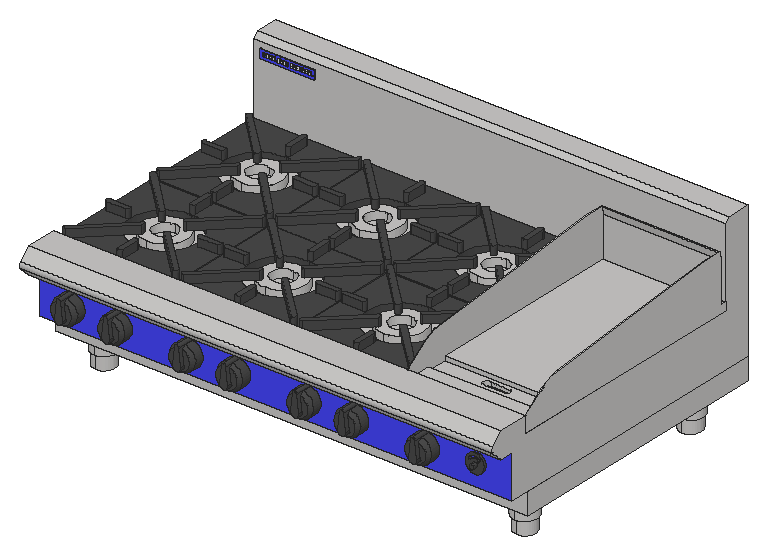
Revit family "QF_MOFFAT_BLUESEAL_CE_G518C-B", category Specialty Equipment, Revit 2012 (continued)
Definition of nested family "GAS BURNER 900 & GRIDDLE 300"
  Definition of nested family "GAS BURNER 900"
    Lines and regions (mm)
      symbolic lines
        curve 192: arc (414.628, -211.197, 0) -> (431.275, -220.336, 0) -> (450, -223.5, 0) r 57
        curve 193: arc (105.424, -130.975, 0) -> (93, -166.598, 0) -> (105.546, -202.178, 0) r 57
        curve 194: arc (514.501, -414.55, 0) -> (534.086, -469.429, 0) -> (513.293, -523.862, 0) r 84.082
        curve 195: arc (504.155, -532.827, 0) -> (478.827, -547.489, 0) -> (450.009, -552.582, 0) r 84.082
        curve 196: arc (493.031, -503.881, 0) -> (506.947, -468.956, 0) -> (496.089, -432.962, 0) r 57
        curve 197: arc (416.408, -512.55, 0) -> (432.334, -520.693, 0) -> (450, -523.5, 0) r 57
        curve 198: arc (403.911, -432.962, 0) -> (393.053, -468.956, 0) -> (406.969, -503.881, 0) r 57
        curve 199: arc (487.434, -423.515, 0) -> (469.986, -413.119, 0) -> (450, -409.5, 0) r 57
        curve 200: arc (187.434, -423.515, 0) -> (169.986, -413.119, 0) -> (150, -409.5, 0) r 57
        curve 201: arc (103.911, -432.962, 0) -> (93.053, -468.956, 0) -> (106.969, -503.881, 0) r 57
        curve 202: arc (109.732, -506.842, 0) -> (110.614, -507.704, 0) -> (111.516, -508.547, 0) r 57
        curve 203: arc (193.031, -503.881, 0) -> (206.947, -468.956, 0) -> (196.089, -432.962, 0) r 57
        curve 204: arc (214.491, -414.56, 0) -> (234.068, -469.429, 0) -> (213.283, -523.853, 0) r 84.082
        curve 205: arc (94.436, -405.385, 0) -> (120.301, -389.834, 0) -> (149.991, -384.418, 0) r 84.082
        curve 206: arc (86.707, -523.862, 0) -> (65.914, -469.429, 0) -> (85.499, -414.55, 0) r 84.082
        curve 207: arc (116.408, -512.55, 0) -> (132.334, -520.693, 0) -> (150, -523.5, 0) r 57
        curve 208: arc (204.147, -532.819, 0) -> (178.816, -547.487, 0) -> (149.991, -552.582, 0) r 84.082
        curve 209: arc (394.444, -405.393, 0) -> (420.313, -389.836, 0) -> (450.009, -384.418, 0) r 84.082
        curve 210: arc (390.635, -528.036, 0) -> (366.012, -472.294, 0) -> (385.509, -414.56, 0) r 84.082
        curve 211: arc (185.525, -121.924, 0) -> (168.817, -112.696, 0) -> (150, -109.5, 0) r 57
        curve 212: arc (396.332, -103.781, 0) -> (421.477, -89.406, 0) -> (450.009, -84.418, 0) r 84.082
        curve 213: arc (512.881, -112.67, 0) -> (534.084, -167.408, 0) -> (514.31, -222.678, 0) r 84.082
        curve 214: arc (505.339, -231.812, 0) -> (479.559, -247.219, 0) -> (450.009, -252.582, 0) r 84.082
        curve 215: arc (385.7, -222.668, 0) -> (365.934, -167.408, 0) -> (387.129, -112.68, 0) r 84.082
        curve 216: arc (205.331, -231.803, 0) -> (179.547, -247.216, 0) -> (149.991, -252.582, 0) r 84.082
        curve 217: arc (85.69, -222.678, 0) -> (65.916, -167.408, 0) -> (87.119, -112.67, 0) r 84.082
        curve 218: spline (724.076, -130.525, 0) -> (724.837, -131.595, 0) -> (725.238, -132.899, 0) -> (725.251, -134.351, 0) -> (724.875, -135.85, 0) -> (724.137, -137.295, 0) -> (723.086, -138.586, 0) -> (721.795, -139.637, 0) -> (720.35, -140.375, 0) -> (718.851, -140.751, 0) -> (717.399, -140.738, 0) -> (716.095, -140.337, 0) -> (715.025, -139.576, 0)
        curve 219: spline (659.102, -160.1, 0) -> (660.396, -160.318, 0) -> (661.602, -160.957, 0) -> (662.638, -161.975, 0) -> (663.432, -163.3, 0) -> (663.932, -164.844, 0) -> (664.102, -166.5, 0) -> (663.932, -168.156, 0) -> (663.432, -169.7, 0) -> (662.638, -171.025, 0) -> (661.602, -172.043, 0) -> (660.396, -172.682, 0) -> (659.102, -172.9, 0)
        curve 220: arc (751, -223.5, 0) -> (732.275, -220.336, 0) -> (715.628, -211.197, 0) r 57
        curve 221: arc (751, -109.5, 0) -> (769.817, -112.696, 0) -> (786.525, -121.924, 0) r 57
        curve 222: arc (751.009, -84.418, 0) -> (722.477, -89.406, 0) -> (697.332, -103.781, 0) r 84.082
        curve 223: arc (751.009, -252.582, 0) -> (780.559, -247.219, 0) -> (806.339, -231.812, 0) r 84.082
        curve 224: line (744.6, -74.602, 0) -> (744.6, -25.398, 0)
        curve 225: spline (744.6, -25.398, 0) -> (744.818, -24.104, 0) -> (745.457, -22.898, 0) -> (746.475, -21.862, 0) -> (747.8, -21.068, 0) -> (749.344, -20.568, 0) -> (751, -20.398, 0) -> (752.656, -20.568, 0) -> (754.2, -21.068, 0) -> (755.525, -21.862, 0) -> (756.543, -22.898, 0) -> (757.182, -24.104, 0) -> (757.4, -25.398, 0)
        curve 226: line (757.4, -25.398, 0) -> (757.4, -74.602, 0)
        curve 227: spline (757.4, -74.602, 0) -> (757.182, -75.896, 0) -> (756.543, -77.102, 0) -> (755.525, -78.138, 0) -> (754.2, -78.932, 0) -> (752.656, -79.432, 0) -> (751, -79.602, 0) -> (749.344, -79.432, 0) -> (747.8, -78.932, 0) -> (746.475, -78.138, 0) -> (745.457, -77.102, 0) -> (744.818, -75.896, 0) -> (744.6, -74.602, 0)
        curve 228: arc (897, 0, 0) -> (899.121, -0.879, 0) -> (900, -3, 0) r 3
        curve 229: line (900, -3, 0) -> (900, -315.5, 0)
        curve 230: arc (900, -315.5, 0) -> (899.121, -317.621, 0) -> (897, -318.5, 0) r 3
        curve 231: arc (897, -321.5, 0) -> (899.121, -322.379, 0) -> (900, -324.5, 0) r 3
        curve 232: line (900, -324.5, 0) -> (900, -632, 0)
        curve 233: arc (900, -632, 0) -> (899.121, -634.121, 0) -> (897, -635, 0) r 3
        curve 234: spline (715.025, -193.424, 0) -> (716.095, -192.663, 0) -> (717.399, -192.262, 0) -> (718.851, -192.249, 0) -> (720.35, -192.625, 0) -> (721.795, -193.363, 0) -> (723.086, -194.414, 0) -> (724.137, -195.705, 0) -> (724.875, -197.15, 0) -> (725.251, -198.649, 0) -> (725.238, -200.101, 0) -> (724.837, -201.405, 0) -> (724.076, -202.475, 0)
        curve 235: line (885.847, -313.898, 0) -> (777.924, -202.475, 0)
        curve 236: spline (777.924, -202.475, 0) -> (777.163, -201.405, 0) -> (776.762, -200.101, 0) -> (776.749, -198.649, 0) -> (777.125, -197.15, 0) -> (777.863, -195.705, 0) -> (778.914, -194.414, 0) -> (780.205, -193.363, 0) -> (781.65, -192.625, 0) -> (783.149, -192.249, 0) -> (784.601, -192.262, 0) -> (785.905, -192.663, 0) -> (786.975, -193.424, 0)
        curve 237: line (786.975, -193.424, 0) -> (894.898, -304.847, 0)
        curve 238: spline (894.898, -304.847, 0) -> (895.659, -305.916, 0) -> (896.059, -307.221, 0) -> (896.072, -308.672, 0) -> (895.697, -310.171, 0) -> (894.959, -311.616, 0) -> (893.908, -312.908, 0) -> (892.616, -313.959, 0) -> (891.171, -314.697, 0) -> (889.672, -315.072, 0) -> (888.221, -315.059, 0) -> (886.916, -314.659, 0) -> (885.847, -313.898, 0)
        curve 239: line (892.102, -172.9, 0) -> (842.898, -172.9, 0)
        curve 240: spline (842.898, -172.9, 0) -> (841.604, -172.682, 0) -> (840.398, -172.043, 0) -> (839.362, -171.025, 0) -> (838.568, -169.7, 0) -> (838.068, -168.156, 0) -> (837.898, -166.5, 0) -> (838.068, -164.844, 0) -> (838.568, -163.3, 0) -> (839.362, -161.975, 0) -> (840.398, -160.957, 0) -> (841.604, -160.318, 0) -> (842.898, -160.1, 0)
        curve 241: line (842.898, -160.1, 0) -> (892.102, -160.1, 0)
        curve 242: spline (892.102, -160.1, 0) -> (893.396, -160.318, 0) -> (894.602, -160.957, 0) -> (895.638, -161.975, 0) -> (896.432, -163.3, 0) -> (896.932, -164.844, 0) -> (897.102, -166.5, 0) -> (896.932, -168.156, 0) -> (896.432, -169.7, 0) -> (895.638, -171.025, 0) -> (894.602, -172.043, 0) -> (893.396, -172.682, 0) -> (892.102, -172.9, 0)
        curve 243: line (894.898, -31.653, 0) -> (786.975, -139.576, 0)
        curve 244: spline (786.975, -139.576, 0) -> (785.905, -140.337, 0) -> (784.601, -140.738, 0) -> (783.149, -140.751, 0) -> (781.65, -140.375, 0) -> (780.205, -139.637, 0) -> (778.914, -138.586, 0) -> (777.863, -137.295, 0) -> (777.125, -135.85, 0) -> (776.749, -134.351, 0) -> (776.762, -132.899, 0) -> (777.163, -131.595, 0) -> (777.924, -130.525, 0)
        curve 245: line (777.924, -130.525, 0) -> (885.847, -22.602, 0)
        curve 246: spline (885.847, -22.602, 0) -> (887.076, -21.681, 0) -> (888.53, -21.131, 0) -> (890.11, -20.99, 0) -> (891.708, -21.267, 0) -> (893.214, -21.943, 0) -> (894.527, -22.973, 0) -> (895.557, -24.286, 0) -> (896.233, -25.792, 0) -> (896.51, -27.39, 0) -> (896.369, -28.97, 0) -> (895.819, -30.424, 0) -> (894.898, -31.653, 0)
        curve 247: arc (751, -136.5, 0) -> (721, -166.5, 0) -> (751, -196.5, 0) r 30
        curve 248: arc (751, -196.5, 0) -> (781, -166.5, 0) -> (751, -136.5, 0) r 30
        curve 249: line (744.6, -311.102, 0) -> (744.6, -261.898, 0)
        curve 250: spline (744.6, -261.898, 0) -> (744.818, -260.604, 0) -> (745.457, -259.398, 0) -> (746.475, -258.362, 0) -> (747.8, -257.568, 0) -> (749.344, -257.068, 0) -> (751, -256.898, 0) -> (752.656, -257.068, 0) -> (754.2, -257.568, 0) -> (755.525, -258.362, 0) -> (756.543, -259.398, 0) -> (757.182, -260.604, 0) -> (757.4, -261.898, 0)
        curve 251: line (757.4, -261.898, 0) -> (757.4, -311.102, 0)
        curve 252: spline (757.4, -311.102, 0) -> (757.182, -312.396, 0) -> (756.543, -313.602, 0) -> (755.525, -314.638, 0) -> (754.2, -315.432, 0) -> (752.656, -315.932, 0) -> (751, -316.102, 0) -> (749.344, -315.932, 0) -> (747.8, -315.432, 0) -> (746.475, -314.638, 0) -> (745.457, -313.602, 0) -> (744.818, -312.396, 0) -> (744.6, -311.102, 0)
        curve 253: line (744.6, -378.102, 0) -> (744.6, -328.898, 0)
        curve 254: spline (744.6, -328.898, 0) -> (744.818, -327.604, 0) -> (745.457, -326.398, 0) -> (746.475, -325.362, 0) -> (747.8, -324.568, 0) -> (749.344, -324.068, 0) -> (751, -323.898, 0) -> (752.656, -324.068, 0) -> (754.2, -324.568, 0) -> (755.525, -325.362, 0) -> (756.543, -326.398, 0) -> (757.182, -327.604, 0) -> (757.4, -328.898, 0)
        curve 255: line (757.4, -328.898, 0) -> (757.4, -378.102, 0)
        curve 256: spline (757.4, -378.102, 0) -> (757.182, -379.396, 0) -> (756.543, -380.602, 0) -> (755.525, -381.638, 0) -> (754.2, -382.432, 0) -> (752.656, -382.932, 0) -> (751, -383.102, 0) -> (749.344, -382.932, 0) -> (747.8, -382.432, 0) -> (746.475, -381.638, 0) -> (745.457, -380.602, 0) -> (744.818, -379.396, 0) -> (744.6, -378.102, 0)
        curve 257: spline (724.076, -434.025, 0) -> (724.837, -435.095, 0) -> (725.238, -436.399, 0) -> (725.251, -437.851, 0) -> (724.875, -439.35, 0) -> (724.137, -440.795, 0) -> (723.086, -442.086, 0) -> (721.795, -443.137, 0) -> (720.35, -443.875, 0) -> (718.851, -444.251, 0) -> (717.399, -444.238, 0) -> (716.095, -443.837, 0) -> (715.025, -443.076, 0)
        curve 258: line (777.924, -434.025, 0) -> (885.847, -326.102, 0)
        curve 259: spline (885.847, -326.102, 0) -> (887.076, -325.181, 0) -> (888.53, -324.631, 0) -> (890.11, -324.49, 0) -> (891.708, -324.767, 0) -> (893.214, -325.443, 0) -> (894.527, -326.473, 0) -> (895.557, -327.786, 0) -> (896.233, -329.292, 0) -> (896.51, -330.89, 0) -> (896.369, -332.47, 0) -> (895.819, -333.924, 0) -> (894.898, -335.153, 0)
        curve 260: line (894.898, -335.153, 0) -> (786.975, -443.076, 0)
        curve 261: spline (786.975, -443.076, 0) -> (785.905, -443.837, 0) -> (784.601, -444.238, 0) -> (783.149, -444.251, 0) -> (781.65, -443.875, 0) -> (780.205, -443.137, 0) -> (778.914, -442.086, 0) -> (777.863, -440.795, 0) -> (777.125, -439.35, 0) -> (776.749, -437.851, 0) -> (776.762, -436.399, 0) -> (777.163, -435.095, 0) -> (777.924, -434.025, 0)
        curve 262: line (842.898, -463.6, 0) -> (892.102, -463.6, 0)
        curve 263: spline (892.102, -463.6, 0) -> (893.396, -463.818, 0) -> (894.602, -464.457, 0) -> (895.638, -465.475, 0) -> (896.432, -466.8, 0) -> (896.932, -468.344, 0) -> (897.102, -470, 0) -> (896.932, -471.656, 0) -> (896.432, -473.2, 0) -> (895.638, -474.525, 0) -> (894.602, -475.543, 0) -> (893.396, -476.182, 0) -> (892.102, -476.4, 0)
        curve 264: line (892.102, -476.4, 0) -> (842.898, -476.4, 0)
        curve 265: spline (842.898, -476.4, 0) -> (841.604, -476.182, 0) -> (840.398, -475.543, 0) -> (839.362, -474.525, 0) -> (838.568, -473.2, 0) -> (838.068, -471.656, 0) -> (837.898, -470, 0) -> (838.068, -468.344, 0) -> (838.568, -466.8, 0) -> (839.362, -465.475, 0) -> (840.398, -464.457, 0) -> (841.604, -463.818, 0) -> (842.898, -463.6, 0)
        curve 266: line (786.975, -496.924, 0) -> (894.898, -603.347, 0)
        curve 267: spline (894.898, -603.347, 0) -> (895.659, -604.416, 0) -> (896.059, -605.721, 0) -> (896.072, -607.172, 0) -> (895.697, -608.671, 0) -> (894.959, -610.116, 0) -> (893.908, -611.408, 0) -> (892.616, -612.459, 0) -> (891.171, -613.197, 0) -> (889.672, -613.572, 0) -> (888.221, -613.559, 0) -> (886.916, -613.159, 0) -> (885.847, -612.398, 0)
        curve 268: line (885.847, -612.398, 0) -> (777.924, -505.975, 0)
        curve 269: spline (777.924, -505.975, 0) -> (777.163, -504.905, 0) -> (776.762, -503.601, 0) -> (776.749, -502.149, 0) -> (777.125, -500.65, 0) -> (777.863, -499.205, 0) -> (778.914, -497.914, 0) -> (780.205, -496.863, 0) -> (781.65, -496.125, 0) -> (783.149, -495.749, 0) -> (784.601, -495.762, 0) -> (785.905, -496.163, 0) -> (786.975, -496.924, 0)
        curve 270: line (744.6, -609.602, 0) -> (744.6, -561.898, 0)
        curve 271: spline (744.6, -561.898, 0) -> (744.818, -560.604, 0) -> (745.457, -559.398, 0) -> (746.475, -558.362, 0) -> (747.8, -557.568, 0) -> (749.344, -557.068, 0) -> (751, -556.898, 0) -> (752.656, -557.068, 0) -> (754.2, -557.568, 0) -> (755.525, -558.362, 0) -> (756.543, -559.398, 0) -> (757.182, -560.604, 0) -> (757.4, -561.898, 0)
        curve 272: line (757.4, -561.898, 0) -> (757.4, -609.602, 0)
        curve 273: spline (757.4, -609.602, 0) -> (757.182, -610.896, 0) -> (756.543, -612.102, 0) -> (755.525, -613.138, 0) -> (754.2, -613.932, 0) -> (752.656, -614.432, 0) -> (751, -614.602, 0) -> (749.344, -614.432, 0) -> (747.8, -613.932, 0) -> (746.475, -613.138, 0) -> (745.457, -612.102, 0) -> (744.818, -610.896, 0) -> (744.6, -609.602, 0)
        curve 274: spline (715.025, -496.924, 0) -> (716.095, -496.163, 0) -> (717.399, -495.762, 0) -> (718.851, -495.749, 0) -> (720.35, -496.125, 0) -> (721.795, -496.863, 0) -> (723.086, -497.914, 0) -> (724.137, -499.205, 0) -> (724.875, -500.65, 0) -> (725.251, -502.149, 0) -> (725.238, -503.601, 0) -> (724.837, -504.905, 0) -> (724.076, -505.975, 0)
        curve 275: arc (751.009, -384.418, 0) -> (721.313, -389.836, 0) -> (695.444, -405.393, 0) r 84.082
        curve 276: arc (751.009, -552.582, 0) -> (779.827, -547.489, 0) -> (805.155, -532.827, 0) r 84.082
        curve 277: arc (751, -523.5, 0) -> (733.334, -520.693, 0) -> (717.408, -512.55, 0) r 57
        curve 278: arc (751, -409.5, 0) -> (770.986, -413.119, 0) -> (788.434, -423.515, 0) r 57
        curve 279: arc (751, -436.5, 0) -> (721, -466.5, 0) -> (751, -496.5, 0) r 30
        curve 280: arc (751, -496.5, 0) -> (781, -466.5, 0) -> (751, -436.5, 0) r 30
        curve 281: spline (659.102, -463.6, 0) -> (660.396, -463.818, 0) -> (661.602, -464.457, 0) -> (662.638, -465.475, 0) -> (663.432, -466.8, 0) -> (663.932, -468.344, 0) -> (664.102, -470, 0) -> (663.932, -471.656, 0) -> (663.432, -473.2, 0) -> (662.638, -474.525, 0) -> (661.602, -475.543, 0) -> (660.396, -476.182, 0) -> (659.102, -476.4, 0)
        curve 282: arc (804.676, -103.773, 0) -> (779.534, -89.404, 0) -> (751.009, -84.418, 0) r 84.082
        curve 283: arc (688.129, -112.68, 0) -> (666.934, -167.408, 0) -> (686.7, -222.668, 0) r 84.082
        curve 284: arc (706.546, -202.178, 0) -> (694, -166.598, 0) -> (706.424, -130.975, 0) r 57
        curve 285: arc (786.372, -211.197, 0) -> (769.725, -220.336, 0) -> (751, -223.5, 0) r 57
        curve 286: arc (795.576, -130.975, 0) -> (808, -166.598, 0) -> (795.454, -202.178, 0) r 57
        curve 287: arc (713.566, -423.515, 0) -> (731.014, -413.119, 0) -> (751, -409.5, 0) r 57
        curve 288: arc (797.089, -432.962, 0) -> (807.947, -468.956, 0) -> (794.031, -503.881, 0) r 57
        curve 289: arc (791.268, -506.842, 0) -> (790.386, -507.704, 0) -> (789.484, -508.547, 0) r 57
        curve 290: arc (707.969, -503.881, 0) -> (694.053, -468.956, 0) -> (704.911, -432.962, 0) r 57
        curve 291: arc (686.509, -414.56, 0) -> (666.932, -469.429, 0) -> (687.717, -523.853, 0) r 84.082
        curve 292: arc (806.564, -405.385, 0) -> (780.699, -389.834, 0) -> (751.009, -384.418, 0) r 84.082
        curve 293: arc (814.293, -523.862, 0) -> (835.086, -469.429, 0) -> (815.501, -414.55, 0) r 84.082
        curve 294: arc (784.592, -512.55, 0) -> (768.666, -520.693, 0) -> (751, -523.5, 0) r 57
        curve 295: arc (696.853, -532.819, 0) -> (722.184, -547.487, 0) -> (751.009, -552.582, 0) r 84.082
        curve 296: arc (715.475, -121.924, 0) -> (732.183, -112.696, 0) -> (751, -109.5, 0) r 57
        curve 297: arc (695.669, -231.803, 0) -> (721.453, -247.216, 0) -> (751.009, -252.582, 0) r 84.082
        curve 298: arc (815.31, -222.678, 0) -> (835.084, -167.408, 0) -> (813.881, -112.67, 0) r 84.082
        curve 299: line (616.153, -612.398, 0) -> (724.076, -505.975, 0)
        curve 300: line (715.025, -496.924, 0) -> (607.102, -603.347, 0)
        curve 301: spline (607.102, -603.347, 0) -> (606.341, -604.416, 0) -> (605.941, -605.721, 0) -> (605.928, -607.172, 0) -> (606.303, -608.671, 0) -> (607.041, -610.116, 0) -> (608.092, -611.408, 0) -> (609.384, -612.459, 0) -> (610.829, -613.197, 0) -> (612.328, -613.572, 0) -> (613.779, -613.559, 0) -> (615.084, -613.159, 0) -> (616.153, -612.398, 0)
        curve 302: line (602, -324.5, 0) -> (602, -632, 0)
        curve 303: arc (602, -632, 0) -> (602.879, -634.121, 0) -> (605, -635, 0) r 3
        curve 304: line (605, -635, 0) -> (897, -635, 0)
        curve 305: arc (897, -635, 0) -> (899.121, -634.121, 0) -> (900, -632, 0) r 3
        curve 306: line (900, -632, 0) -> (900, -324.5, 0)
        curve 307: arc (900, -324.5, 0) -> (899.121, -322.379, 0) -> (897, -321.5, 0) r 3
        curve 308: line (897, -321.5, 0) -> (605, -321.5, 0)
        curve 309: arc (605, -321.5, 0) -> (602.879, -322.379, 0) -> (602, -324.5, 0) r 3
        curve 310: line (609.898, -476.4, 0) -> (659.102, -476.4, 0)
        curve 311: line (659.102, -463.6, 0) -> (609.898, -463.6, 0)
        curve 312: spline (609.898, -463.6, 0) -> (608.604, -463.818, 0) -> (607.398, -464.457, 0) -> (606.362, -465.475, 0) -> (605.568, -466.8, 0) -> (605.068, -468.344, 0) -> (604.898, -470, 0) -> (605.068, -471.656, 0) -> (605.568, -473.2, 0) -> (606.362, -474.525, 0) -> (607.398, -475.543, 0) -> (608.604, -476.182, 0) -> (609.898, -476.4, 0)
        curve 313: line (607.102, -335.153, 0) -> (715.025, -443.076, 0)
        curve 314: line (724.076, -434.025, 0) -> (616.153, -326.102, 0)
        curve 315: spline (616.153, -326.102, 0) -> (615.084, -325.341, 0) -> (613.779, -324.941, 0) -> (612.328, -324.928, 0) -> (610.829, -325.303, 0) -> (609.384, -326.041, 0) -> (608.092, -327.092, 0) -> (607.041, -328.384, 0) -> (606.303, -329.829, 0) -> (605.928, -331.328, 0) -> (605.941, -332.779, 0) -> (606.341, -334.084, 0) -> (607.102, -335.153, 0)
        curve 316: line (616.153, -313.898, 0) -> (724.076, -202.475, 0)
        curve 317: spline (607.102, -304.847, 0) -> (606.341, -305.916, 0) -> (605.941, -307.221, 0) -> (605.928, -308.672, 0) -> (606.303, -310.171, 0) -> (607.041, -311.616, 0) -> (608.092, -312.908, 0) -> (609.384, -313.959, 0) -> (610.829, -314.697, 0) -> (612.328, -315.072, 0) -> (613.779, -315.059, 0) -> (615.084, -314.659, 0) -> (616.153, -313.898, 0)
        curve 318: line (715.025, -193.424, 0) -> (607.102, -304.847, 0)
        curve 319: line (605, -318.5, 0) -> (897, -318.5, 0)
        curve 320: arc (602, -315.5, 0) -> (602.879, -317.621, 0) -> (605, -318.5, 0) r 3
        curve 321: line (602, -3, 0) -> (602, -315.5, 0)
        curve 322: arc (605, 0, 0) -> (602.879, -0.879, 0) -> (602, -3, 0) r 3
        curve 323: line (609.898, -172.9, 0) -> (659.102, -172.9, 0)
        curve 324: line (659.102, -160.1, 0) -> (609.898, -160.1, 0)
        curve 325: spline (609.898, -160.1, 0) -> (608.604, -160.318, 0) -> (607.398, -160.957, 0) -> (606.362, -161.975, 0) -> (605.568, -163.3, 0) -> (605.068, -164.844, 0) -> (604.898, -166.5, 0) -> (605.068, -168.156, 0) -> (605.568, -169.7, 0) -> (606.362, -171.025, 0) -> (607.398, -172.043, 0) -> (608.604, -172.682, 0) -> (609.898, -172.9, 0)
        curve 326: line (607.102, -31.653, 0) -> (715.025, -139.576, 0)
        curve 327: line (724.076, -130.525, 0) -> (616.153, -22.602, 0)
        curve 328: spline (616.153, -22.602, 0) -> (615.084, -21.841, 0) -> (613.779, -21.441, 0) -> (612.328, -21.428, 0) -> (610.829, -21.803, 0) -> (609.384, -22.541, 0) -> (608.092, -23.592, 0) -> (607.041, -24.884, 0) -> (606.303, -26.329, 0) -> (605.928, -27.828, 0) -> (605.941, -29.279, 0) -> (606.341, -30.584, 0) -> (607.102, -31.653, 0)
        curve 329: line (897, 0, 0) -> (605, 0, 0)
    Dimensions and locks
      equal spacing: plane 3 "LEFT", plane 7 "Center Y", plane 4 "RIGHT"
      "Width": plane 3 "LEFT" to plane 4 "RIGHT"
      equal spacing: plane 5 "FRONT", plane 8 "Center X", plane 1 "BACK"
      "Depth": plane 5 "FRONT" to plane 1 "BACK"
      aligned and locked: level to plane 2
    Automatic sketch dimensions
      curve 29 to curve 30 = 0 mm
      curve 29 to curve 33 = 0 mm
      curve 29 to curve 189 = 0 mm
      curve 29 to curve 190 = 0 mm  (x2)
      curve 29 to curve 191 = 0 mm  (x2)
      curve 29 to curve 192 = 0 mm
      curve 30 to curve 33 = 0 mm
      curve 30 to curve 189 = 0 mm
      curve 31 to curve 32 = 0 mm  (x2)
      curve 31 to curve 212 = 0 mm
      curve 31 to curve 213 = 0 mm  (x2)
      curve 31 to curve 214 = 0 mm
      curve 31 to curve 215 = 0 mm  (x2)
      curve 35 to curve 36 = 0 mm
      curve 35 to curve 103 = 0 mm  (x2)
      curve 35 to curve 187 = 0 mm  (x2)
      curve 35 to curve 188 = 0 mm
      curve 35 to curve 193 = 0 mm
      curve 35 to curve 211 = 0 mm  (x2)
      curve 36 to curve 193 = 0 mm
      curve 37 to curve 38 = 0 mm  (x2)
      curve 37 to curve 185 = 0 mm
      curve 37 to curve 186 = 0 mm  (x2)
      curve 37 to curve 216 = 0 mm
      curve 37 to curve 217 = 0 mm  (x2)
      curve 137 to curve 138 = 0 mm  (x2)
      curve 137 to curve 204 = 0 mm  (x2)
      curve 137 to curve 205 = 0 mm
      curve 137 to curve 206 = 0 mm  (x2)
      curve 137 to curve 208 = 0 mm
      curve 139 to curve 140 = 0 mm
      curve 139 to curve 141 = 0 mm  (x2)
      curve 139 to curve 200 = 0 mm  (x2)
      curve 139 to curve 201 = 0 mm
      curve 139 to curve 202 = 0 mm
      curve 139 to curve 203 = 0 mm  (x2)
      curve 139 to curve 207 = 0 mm
      curve 140 to curve 201 = 0 mm
      curve 140 to curve 202 = 0 mm
      curve 179 to curve 180 = 0 mm  (x2)
      curve 179 to curve 194 = 0 mm  (x2)
      curve 179 to curve 195 = 0 mm
      curve 179 to curve 209 = 0 mm
      curve 179 to curve 210 = 0 mm  (x2)
      curve 181 to curve 182 = 0 mm  (x2)
      curve 181 to curve 183 = 0 mm  (x2)
      curve 181 to curve 196 = 0 mm  (x2)
      curve 181 to curve 197 = 0 mm
      curve 181 to curve 198 = 0 mm  (x2)
      curve 181 to curve 199 = 0 mm
      curve 220 to curve 221 = 0 mm
      curve 220 to curve 247 = 0 mm  (x2)
      curve 220 to curve 284 = 0 mm
      curve 222 to curve 223 = 0 mm  (x2)
      curve 222 to curve 282 = 0 mm
      curve 222 to curve 283 = 0 mm  (x2)
      curve 275 to curve 276 = 0 mm
      curve 275 to curve 291 = 0 mm
      curve 277 to curve 278 = 0 mm
      curve 277 to curve 279 = 0 mm
      curve 277 to curve 287 = 0 mm
      curve 278 to curve 280 = 0 mm
      curve 283 to curve 298 = 0 mm
      curve 284 to curve 296 = 0 mm  (x2)
      curve 285 to curve 296 = 0 mm  (x2)
      curve 286 to curve 296 = 0 mm  (x2)
      curve 287 to curve 294 = 0 mm  (x2)
      curve 288 to curve 294 = 0 mm  (x2)
      curve 289 to curve 294 = 0 mm  (x2)
      curve 290 to curve 294 = 0 mm  (x2)
      curve 291 to curve 295 = 0 mm  (x2)
      curve 292 to curve 295 = 0 mm  (x2)
      curve 293 to curve 295 = 0 mm  (x2)
      curve 297 to curve 298 = 0 mm  (x2)
      plane 5 "FRONT" to curve 75 = 0 mm
      plane 1 "BACK" to curve 64 = 0 mm
      plane 1 "BACK" to curve 55 = 0 mm
      plane 5 "FRONT" to curve 82 = 0 mm
      curve 33 to plane 7 "Center Y" = 0 mm
      curve 154 to plane 7 "Center Y" = 0 mm
      curve 54 to plane 7 "Center Y" = 0 mm
      curve 196 to plane 7 "Center Y" = 0 mm
      curve 178 to plane 7 "Center Y" = 0 mm
      curve 16 to plane 7 "Center Y" = 0 mm
      plane 5 "FRONT" to curve 233 = 0 mm
      curve 13 to curve 16 = 6.4 mm
      curve 154 to curve 154 = 6.4 mm
      curve 52 to curve 52 = 6.4 mm
      curve 177 to curve 178 = 6.4 mm
      curve 150 to plane 7 "Center Y" = 26.924 mm
      curve 10 to plane 7 "Center Y" = 26.924 mm
      curve 168 to plane 7 "Center Y" = 26.924 mm
      curve 50 to plane 7 "Center Y" = 26.924 mm
      curve 10 to curve 10 = 4.525 mm
      curve 50 to curve 50 = 4.525 mm
      curve 168 to curve 167 = 4.525 mm
      curve 150 to curve 147 = 4.525 mm
      curve 197 to curve 167 = 6.668 mm
      curve 192 to curve 49 = 8.448 mm
      curve 30 to curve 10 = 8.601 mm
      curve 169 to curve 168 = 4.525 mm
      curve 182 to curve 150 = 10.51 mm
      curve 198 to curve 168 = 7.056 mm
      curve 189 to curve 50 = 8.479 mm
      curve 189 to curve 9 = 8.601 mm
      curve 198 to curve 182 = 8.655 mm
      curve 212 to curve 30 = 18.144 mm
      curve 32 to curve 192 = 19.959 mm
      curve 209 to curve 182 = 18.122 mm
      curve 210 to curve 198 = 16.335 mm
      curve 215 to curve 212 = 9.203 mm
      curve 215 to curve 32 = 8.969 mm
      curve 210 to curve 209 = 8.936 mm
      curve 45 to curve 189 = 47.444 mm
      curve 172 to curve 198 = 45.809 mm
      curve 167 to plane 5 "FRONT" = 22.602 mm
      curve 167 to curve 180 = 75.481 mm
      curve 147 to plane 8 "Center X" = 8.602 mm
      curve 147 to curve 209 = 79.291 mm
      plane 1 "BACK" to curve 12 = 22.602 mm
      plane 8 "Center X" to curve 49 = 3.602 mm
      curve 49 to curve 147 = 0 mm
      curve 148 to curve 147 = 4.525 mm
      curve 12 to curve 12 = 4.525 mm
      curve 48 to curve 48 = 4.525 mm
      curve 170 to curve 167 = 4.525 mm
      curve 44 to curve 46 = 49.204 mm
      curve 174 to curve 172 = 49.204 mm
      curve 80 to curve 148 = 6.628 mm
      curve 83 to curve 170 = 11.153 mm
      curve 56 to curve 12 = 11.153 mm
      plane 8 "Center X" to curve 58 = 2 mm
      curve 58 to curve 79 = 0 mm
      curve 57 to curve 56 = 3 mm
      curve 80 to curve 80 = 3 mm
      curve 76 to curve 81 = 2 mm
      curve 68 to curve 58 = 2 mm
      curve 68 to plane 8 "Center X" = 1 mm
      curve 68 to curve 69 = 3 mm
      curve 78 to curve 77 = 3 mm
      curve 63 to curve 69 = 3 mm
      curve 75 to curve 76 = 3 mm
      curve 90 to curve 68 = 2.102 mm
      curve 4 to curve 12 = 12.205 mm
      curve 115 to plane 8 "Center X" = 17.653 mm
      curve 115 to curve 78 = 2.102 mm
      curve 134 to curve 170 = 12.205 mm
      curve 8 to curve 45 = 17.796 mm
      curve 145 to curve 171 = 17.796 mm
      curve 4 to curve 4 = 4.525 mm
      curve 134 to curve 134 = 4.525 mm
      curve 90 to curve 90 = 4.525 mm
      curve 116 to curve 116 = 4.525 mm
      curve 6 to curve 5 = 49.204 mm
      curve 144 to curve 143 = 49.204 mm
      curve 204 to curve 144 = 27.407 mm
      curve 186 to curve 7 = 27.598 mm
      curve 204 to curve 145 = 28.615 mm
      curve 186 to curve 6 = 29.027 mm
      curve 137 to curve 204 = 8.936 mm
      curve 216 to curve 186 = 8.969 mm
      curve 208 to curve 204 = 9.136 mm
      curve 37 to curve 186 = 9.203 mm
      curve 203 to curve 204 = 18.402 mm
      curve 187 to curve 186 = 18.296 mm
      curve 187 to curve 186 = 19.847 mm
      curve 203 to curve 204 = 20.253 mm
      curve 200 to curve 203 = 8.655 mm
      curve 136 to curve 203 = 7.056 mm
      curve 87 to curve 187 = 8.479 mm
      curve 2 to curve 187 = 8.601 mm
      curve 114 to curve 203 = 10.114 mm
      curve 211 to curve 187 = 9.051 mm
      curve 35 to curve 187 = 9.081 mm
      curve 139 to curve 203 = 9.439 mm
      curve 114 to curve 115 = 4.525 mm
      curve 2 to curve 2 = 4.525 mm
      curve 136 to curve 136 = 4.525 mm
      curve 88 to curve 88 = 4.525 mm
      curve 106 to curve 216 = 48.931 mm
      curve 112 to curve 200 = 31.034 mm
      curve 42 to curve 37 = 47.268 mm
      curve 129 to plane 5 "FRONT" = 25.398 mm
      curve 129 to curve 208 = 47.747 mm
      curve 103 to curve 1 = 26.924 mm
      curve 110 to curve 109 = 6.4 mm
      curve 108 to curve 105 = 6.4 mm
      curve 142 to curve 114 = 26.924 mm
      curve 132 to curve 132 = 6.4 mm
      curve 42 to curve 42 = 6.4 mm
      curve 38 to curve 106 = 0.009 mm
      curve 204 to curve 139 = 0.009 mm
      curve 127 to curve 142 = 26.924 mm
      curve 117 to curve 142 = 26.924 mm
      curve 91 to curve 104 = 26.924 mm
      curve 100 to curve 104 = 26.924 mm
      curve 100 to curve 100 = 4.525 mm
      curve 92 to curve 92 = 4.525 mm
      curve 120 to curve 120 = 4.525 mm
      curve 128 to curve 128 = 4.525 mm
      curve 207 to curve 127 = 6.668 mm
      curve 188 to curve 91 = 8.448 mm
      curve 36 to curve 100 = 8.601 mm
      curve 140 to curve 117 = 10.51 mm
      curve 202 to curve 207 = 4.893 mm
      curve 202 to curve 202 = 1.784 mm
      curve 201 to curve 202 = 2.762 mm
      curve 193 to curve 93 = 8.479 mm
      curve 193 to curve 100 = 8.601 mm
      curve 201 to curve 140 = 8.655 mm
      curve 185 to curve 36 = 18.152 mm
      curve 138 to curve 207 = 20.563 mm
      curve 38 to curve 188 = 19.967 mm
      curve 205 to curve 140 = 18.13 mm
      curve 217 to curve 185 = 9.204 mm
      curve 206 to curve 138 = 9.138 mm
      curve 217 to curve 38 = 8.97 mm
      curve 206 to curve 205 = 8.937 mm
      curve 97 to curve 193 = 47.322 mm
      curve 121 to curve 201 = 45.809 mm
      plane 3 "LEFT" to curve 126 = 15.153 mm
      plane 3 "LEFT" to curve 102 = 15.153 mm
      plane 8 "Center X" to curve 91 = 3.602 mm
      plane 3 "LEFT" to curve 91 = 15.153 mm
      curve 117 to plane 8 "Center X" = 8.602 mm
      curve 117 to curve 91 = 0 mm
      curve 126 to curve 126 = 4.525 mm
      curve 94 to curve 94 = 4.525 mm
      plane 3 "LEFT" to curve 121 = 8.898 mm
      plane 3 "LEFT" to curve 97 = 8.898 mm
      plane 3 "LEFT" to curve 72 = 4 mm
      curve 66 to curve 71 = 0 mm
      plane 3 "LEFT" to curve 74 = 4 mm
      plane 3 "LEFT" to curve 63 = 4 mm
      plane 3 "LEFT" to curve 65 = 1 mm
      plane 3 "LEFT" to curve 74 = 1 mm
      plane 7 "Center Y" to curve 194 = 0.009 mm
      plane 7 "Center Y" to curve 32 = 0.009 mm
      plane 7 "Center Y" to curve 165 = 26.924 mm
      plane 7 "Center Y" to curve 17 = 26.924 mm
      plane 7 "Center Y" to curve 26 = 26.924 mm
      plane 7 "Center Y" to curve 156 = 26.924 mm
      curve 18 to curve 18 = 4.525 mm
      curve 155 to curve 156 = 4.525 mm
      curve 27 to curve 26 = 4.525 mm
      curve 165 to curve 164 = 4.525 mm
      curve 164 to curve 181 = 6.668 mm
      curve 26 to curve 29 = 8.448 mm
      curve 18 to curve 190 = 8.601 mm
      curve 156 to curve 199 = 10.51 mm
      curve 164 to curve 196 = 7.056 mm
      curve 26 to curve 191 = 8.479 mm
      curve 18 to curve 191 = 8.601 mm
      curve 199 to curve 196 = 8.655 mm
      curve 190 to curve 31 = 18.152 mm
      curve 181 to curve 195 = 20.563 mm
      curve 29 to curve 214 = 19.967 mm
      curve 199 to curve 179 = 18.13 mm
      curve 31 to curve 213 = 9.204 mm
      curve 195 to curve 194 = 9.138 mm
      curve 214 to curve 213 = 8.97 mm
      curve 179 to curve 194 = 8.937 mm
      curve 196 to curve 160 = 45.809 mm
      curve 191 to curve 22 = 47.444 mm
      curve 165 to plane 5 "FRONT" = 22.602 mm
      curve 195 to curve 165 = 80.692 mm
      plane 8 "Center X" to curve 27 = 3.602 mm
      curve 155 to plane 8 "Center X" = 8.602 mm
      curve 155 to curve 27 = 0 mm
      plane 1 "BACK" to curve 20 = 22.602 mm
      curve 20 to curve 19 = 9.051 mm
      curve 166 to curve 166 = 4.525 mm
      curve 21 to curve 21 = 49.204 mm
      curve 160 to curve 159 = 49.204 mm
      curve 84 to plane 5 "FRONT" = 3 mm
      curve 166 to curve 84 = 11.153 mm
      curve 59 to curve 85 = 3 mm
      curve 20 to curve 55 = 11.153 mm
      curve 86 to curve 85 = 3 mm
      plane 8 "Center X" to curve 61 = 2 mm
      curve 281 to curve 291 = 27.407 mm
      curve 219 to curve 283 = 27.598 mm
      curve 281 to curve 291 = 28.615 mm
      curve 219 to curve 283 = 29.027 mm
      curve 291 to curve 275 = 8.936 mm
      curve 283 to curve 297 = 8.969 mm
      curve 291 to curve 295 = 9.136 mm
      curve 283 to curve 222 = 9.203 mm
      curve 291 to curve 290 = 18.402 mm
      curve 283 to curve 284 = 18.296 mm
      curve 283 to curve 284 = 19.847 mm
      curve 291 to curve 290 = 20.253 mm
      curve 290 to curve 287 = 8.655 mm
      curve 290 to curve 257 = 10.114 mm
      curve 284 to curve 218 = 8.601 mm
      curve 290 to curve 274 = 7.056 mm
      curve 284 to curve 234 = 8.479 mm
      curve 284 to curve 296 = 9.051 mm
      curve 284 to curve 220 = 9.081 mm
      curve 218 to curve 218 = 4.525 mm
      curve 274 to curve 274 = 4.525 mm
      curve 257 to curve 257 = 4.525 mm
      curve 234 to curve 234 = 4.525 mm
      curve 270 to plane 5 "FRONT" = 25.398 mm
      curve 287 to curve 256 = 31.034 mm
      plane 1 "BACK" to curve 225 = 25.398 mm
      curve 222 to curve 225 = 47.268 mm
      curve 297 to curve 249 = 48.931 mm
      curve 274 to curve 280 = 26.924 mm
      curve 224 to curve 227 = 6.4 mm
      curve 256 to curve 256 = 6.4 mm
      curve 271 to curve 271 = 6.4 mm
      curve 249 to curve 252 = 6.4 mm
      curve 220 to curve 223 = 0.009 mm
      curve 271 to curve 276 = 0.009 mm
      curve 248 to curve 245 = 26.924 mm
      curve 248 to curve 236 = 26.924 mm
      curve 280 to curve 261 = 26.924 mm
      curve 280 to curve 269 = 26.924 mm
      curve 261 to curve 261 = 4.525 mm
      curve 236 to curve 236 = 4.525 mm
      curve 268 to curve 269 = 4.525 mm
      curve 244 to curve 244 = 4.525 mm
      curve 268 to curve 294 = 6.668 mm
      curve 236 to curve 285 = 8.448 mm
      curve 244 to curve 221 = 8.601 mm
      curve 258 to curve 278 = 10.51 mm
      curve 294 to curve 289 = 4.893 mm
      curve 289 to curve 289 = 1.784 mm
      curve 289 to curve 288 = 2.762 mm
      curve 236 to curve 286 = 8.479 mm
      curve 244 to curve 286 = 8.601 mm
      curve 278 to curve 288 = 8.655 mm
      curve 221 to curve 282 = 18.152 mm
      curve 294 to curve 276 = 20.563 mm
      curve 285 to curve 223 = 19.967 mm
      curve 278 to curve 292 = 18.13 mm
      curve 282 to curve 298 = 9.204 mm
      curve 276 to curve 293 = 9.138 mm
      curve 223 to curve 298 = 8.97 mm
      curve 292 to curve 293 = 8.937 mm
      curve 286 to curve 241 = 47.322 mm
      curve 288 to curve 265 = 45.809 mm
      plane 4 "RIGHT" to curve 267 = 14.153 mm
      plane 8 "Center X" to curve 235 = 3.602 mm
      plane 4 "RIGHT" to curve 235 = 14.153 mm
      plane 4 "RIGHT" to curve 245 = 14.153 mm
      curve 259 to plane 8 "Center X" = 8.602 mm
      curve 259 to curve 235 = 0 mm
      curve 268 to curve 267 = 4.525 mm
      curve 246 to curve 246 = 4.525 mm
      curve 235 to curve 238 = 4.525 mm
      curve 258 to curve 259 = 4.525 mm
      plane 4 "RIGHT" to curve 242 = 7.898 mm
      plane 4 "RIGHT" to curve 264 = 7.898 mm
      plane 4 "RIGHT" to curve 233 = 3 mm
      plane 4 "RIGHT" to curve 228 = 3 mm
      plane 4 "RIGHT" to curve 231 = 3 mm
      curve 230 to plane 8 "Center X" = 1 mm
      curve 230 to curve 231 = 0 mm
      plane 4 "RIGHT" to curve 229 = 0 mm
      plane 4 "RIGHT" to curve 231 = 0 mm
      curve 233 to curve 267 = 19.602 mm
      curve 76 to curve 133 = 19.602 mm
      curve 178 to plane 5 "FRONT" = 25.398 mm
      curve 131 to curve 138 = 9.316 mm
      curve 177 to curve 180 = 9.316 mm
      curve 271 to curve 295 = 9.316 mm
      curve 295 to curve 291 = 8.967 mm
      curve 294 to curve 289 = 4.003 mm
      curve 207 to curve 202 = 4.003 mm
      curve 277 to curve 274 = 6.575 mm
      curve 290 to curve 274 = 6.958 mm
      curve 139 to curve 142 = 27 mm
      curve 181 to curve 184 = 27 mm
      curve 277 to curve 280 = 27 mm
      curve 206 to curve 122 = 47.462 mm
      curve 204 to curve 146 = 47.453 mm
      curve 198 to curve 172 = 27.481 mm
      curve 293 to curve 263 = 47.462 mm
      curve 194 to curve 162 = 47.462 mm
      curve 291 to curve 281 = 47.453 mm
      curve 171 to curve 174 = 6.4 mm
      curve 263 to curve 263 = 6.4 mm
      curve 160 to curve 160 = 6.4 mm
      curve 146 to curve 146 = 6.4 mm
      curve 123 to curve 124 = 6.4 mm
      curve 281 to curve 281 = 6.4 mm
      curve 257 to curve 290 = 10.114 mm
      curve 275 to curve 256 = 6.316 mm
      curve 179 to curve 151 = 6.316 mm
      curve 137 to curve 111 = 6.316 mm
      curve 254 to plane 8 "Center X" = 11.398 mm
      curve 154 to plane 8 "Center X" = 11.398 mm
      curve 110 to plane 8 "Center X" = 11.398 mm
      curve 81 to curve 59 = 6 mm
      curve 231 to curve 230 = 6 mm
      curve 78 to curve 80 = 0 mm
      curve 68 to curve 90 = 1.602 mm
      plane 8 "Center X" to curve 108 = 6.398 mm
      plane 8 "Center X" to curve 53 = 6.398 mm
      plane 8 "Center X" to curve 249 = 6.398 mm
      curve 252 to curve 249 = 49.204 mm
      curve 51 to curve 214 = 9.316 mm
      curve 108 to curve 107 = 49.204 mm
      curve 250 to curve 223 = 9.316 mm
      curve 106 to curve 216 = 9.316 mm
      curve 223 to curve 285 = 29.082 mm
      curve 220 to curve 234 = 8.722 mm
      curve 284 to curve 234 = 8.754 mm
      curve 35 to curve 103 = 27 mm
      curve 29 to curve 34 = 27 mm
      curve 220 to curve 247 = 27 mm
      curve 187 to curve 6 = 29.278 mm
      curve 284 to curve 219 = 29.278 mm
      curve 24 to curve 219 = 0 mm
      curve 298 to curve 242 = 49.778 mm
      curve 7 to curve 44 = 0 mm
      curve 193 to curve 95 = 29.278 mm
      curve 24 to curve 24 = 6.4 mm
      curve 95 to curve 98 = 6.4 mm
      curve 239 to curve 242 = 6.4 mm
      curve 7 to curve 8 = 6.4 mm
      curve 45 to curve 44 = 6.4 mm
      curve 219 to curve 219 = 6.4 mm
      curve 218 to curve 284 = 8.601 mm
      curve 37 to curve 42 = 9.816 mm
      curve 222 to curve 226 = 9.816 mm
      curve 31 to curve 13 = 9.816 mm
      plane 1 "BACK" to curve 16 = 25.398 mm
      plane 1 "BACK" to curve 41 = 25.398 mm
      plane 1 "BACK" to Extrusion 1 sketch curve = 0 mm
      plane 5 "FRONT" to Extrusion 1 sketch curve = 0 mm
      plane 3 "LEFT" to Extrusion 1 sketch curve = 1 mm  (x2)
      plane 1 "BACK" to Extrusion 1 sketch curve = 3 mm  (x2)
      plane 8 "Center X" to Extrusion 1 sketch curve = 149 mm
      plane 8 "Center X" to Extrusion 1 sketch curve = 2 mm  (x2)
      Extrusion 1 sketch curve to plane 8 "Center X" = 1 mm
      Extrusion 1 sketch curve to Extrusion 1 sketch curve = 3 mm  (x3)
      Extrusion 1 sketch curve to plane 8 "Center X" = 151 mm
      Extrusion 1 sketch curve to plane 5 "FRONT" = 3 mm  (x2)
      plane 3 "LEFT" to Extrusion 1 sketch curve = 149.991 mm  (x2)
      Extrusion 1 sketch curve to plane 7 "Center Y" = 154 mm
      Extrusion 1 sketch curve to Extrusion 1 sketch curve = 0 mm
      Extrusion 2 sketch curve to Extrusion 1 = 22.602 mm  (x2)
      Extrusion 2 sketch curve to Extrusion 1 = 25.398 mm  (x2)
      Extrusion 2 sketch curve to Extrusion 2 sketch curve = 4.525 mm  (x16)
      Extrusion 2 sketch curve to Extrusion 2 sketch curve = 49.204 mm  (x5)
      Extrusion 2 sketch curve to Extrusion 2 sketch curve = 55.923 mm  (x5)
      Extrusion 2 sketch curve to Extrusion 2 sketch curve = 0 mm  (x5)
      Extrusion 2 sketch curve to Extrusion 2 sketch curve = 20.524 mm  (x8)
      Extrusion 2 sketch curve to Extrusion 2 sketch curve = 6.4 mm  (x8)
      Extrusion 2 sketch curve to Extrusion 2 sketch curve = 53.847 mm  (x8)
      Extrusion 2 sketch curve to Extrusion 1 = 56.602 mm
      Extrusion 2 sketch curve to Extrusion 1 = 5.102 mm  (x6)
      Extrusion 2 sketch curve to Extrusion 1 = 13.653 mm  (x2)
      Extrusion 2 sketch curve to Extrusion 1 = 7.398 mm  (x2)
      Extrusion 2 sketch curve to Extrusion 1 = 4.602 mm  (x2)
      Extrusion 2 sketch curve to Extrusion 1 = 7.898 mm  (x4)
      Extrusion 2 sketch curve to Extrusion 1 = 31.653 mm  (x2)
      Extrusion 2 sketch curve to Extrusion 1 = 57.102 mm
      Extrusion 2 sketch curve to Extrusion 1 = 14.153 mm
      Extrusion 3 sketch curve to Extrusion 3 sketch curve = 0 mm  (x24)
      plane 1 "BACK" to Extrusion 3 sketch curve = 109.5 mm
      Extrusion 3 sketch curve to Extrusion 3 sketch curve = 27 mm  (x2)
      Extrusion 3 sketch curve to Extrusion 3 sketch curve = 30 mm  (x2)
      Extrusion 3 sketch curve to plane 8 "Center X" = 92 mm
      plane 3 "LEFT" to Extrusion 3 sketch curve = 150 mm  (x2)
      plane 1 "BACK" to Extrusion 4 sketch curve = 0 mm
      plane 5 "FRONT" to Extrusion 4 sketch curve = 0 mm
      plane 1 "BACK" to Extrusion 4 sketch curve = 3 mm  (x2)
      plane 7 "Center Y" to Extrusion 4 sketch curve = 0.009 mm  (x2)
      plane 8 "Center X" to Extrusion 4 sketch curve = 149 mm
      plane 8 "Center X" to Extrusion 4 sketch curve = 2 mm  (x2)
      Extrusion 4 sketch curve to plane 8 "Center X" = 1 mm
      Extrusion 4 sketch curve to Extrusion 4 sketch curve = 3 mm  (x3)
      Extrusion 4 sketch curve to plane 8 "Center X" = 151 mm
      Extrusion 4 sketch curve to plane 5 "FRONT" = 3 mm  (x2)
      Extrusion 4 sketch curve to plane 7 "Center Y" = 146 mm  (x2)
      plane 7 "Center Y" to Extrusion 4 sketch curve = 146 mm  (x2)
      Extrusion 5 sketch curve to Extrusion 4 = 22.602 mm  (x2)
      Extrusion 5 sketch curve to Extrusion 4 = 25.398 mm  (x2)
      Extrusion 5 sketch curve to Extrusion 5 sketch curve = 4.525 mm  (x16)
      Extrusion 5 sketch curve to Extrusion 5 sketch curve = 49.204 mm  (x4)
      Extrusion 5 sketch curve to Extrusion 5 sketch curve = 55.923 mm  (x5)
      Extrusion 5 sketch curve to Extrusion 5 sketch curve = 0 mm  (x6)
      Extrusion 5 sketch curve to Extrusion 5 sketch curve = 20.524 mm  (x7)
      Extrusion 5 sketch curve to Extrusion 5 sketch curve = 6.4 mm  (x8)
      Extrusion 5 sketch curve to Extrusion 5 sketch curve = 53.847 mm  (x8)
      Extrusion 5 sketch curve to Extrusion 4 = 56.602 mm
      Extrusion 5 sketch curve to Extrusion 4 = 5.102 mm  (x6)
      Extrusion 5 sketch curve to Extrusion 4 = 13.653 mm  (x2)
      Extrusion 5 sketch curve to Extrusion 4 = 7.398 mm  (x2)
      Extrusion 5 sketch curve to Extrusion 4 = 4.602 mm  (x2)
      Extrusion 5 sketch curve to Extrusion 4 = 7.898 mm  (x4)
      Extrusion 5 sketch curve to Extrusion 4 = 31.653 mm  (x2)
      Extrusion 5 sketch curve to Extrusion 4 = 57.102 mm  (x2)
      Extrusion 5 sketch curve to Extrusion 4 = 14.153 mm
      Extrusion 6 sketch curve to Extrusion 6 sketch curve = 0 mm  (x24)
      Extrusion 6 sketch curve to plane 7 "Center Y" = 0 mm  (x2)
      plane 1 "BACK" to Extrusion 6 sketch curve = 109.5 mm
      Extrusion 6 sketch curve to Extrusion 6 sketch curve = 27 mm  (x2)
      Extrusion 6 sketch curve to Extrusion 6 sketch curve = 30 mm  (x2)
      Extrusion 6 sketch curve to plane 8 "Center X" = 92 mm
      Extrusion 7 sketch curve to Extrusion 1 = 22.602 mm  (x2)
      Extrusion 7 sketch curve to Extrusion 1 = 25.398 mm  (x2)
      Extrusion 7 sketch curve to Extrusion 7 sketch curve = 4.525 mm  (x16)
      Extrusion 7 sketch curve to Extrusion 7 sketch curve = 49.204 mm  (x6)
      Extrusion 7 sketch curve to Extrusion 7 sketch curve = 55.923 mm  (x7)
      Extrusion 7 sketch curve to Extrusion 7 sketch curve = 0 mm  (x7)
      Extrusion 7 sketch curve to Extrusion 7 sketch curve = 20.524 mm  (x7)
      Extrusion 7 sketch curve to Extrusion 7 sketch curve = 6.4 mm  (x8)
      Extrusion 7 sketch curve to Extrusion 7 sketch curve = 53.847 mm  (x8)
      Extrusion 7 sketch curve to Extrusion 1 = 56.602 mm
      Extrusion 7 sketch curve to Extrusion 1 = 13.653 mm  (x2)
      Extrusion 7 sketch curve to Extrusion 1 = 7.398 mm  (x2)
      Extrusion 7 sketch curve to Extrusion 1 = 4.602 mm  (x2)
      Extrusion 7 sketch curve to Extrusion 1 = 31.653 mm  (x2)
      Extrusion 1 to Extrusion 7 sketch curve = 308.102 mm
      Extrusion 7 sketch curve to Extrusion 7 sketch curve = 9.051 mm  (x2)
      Extrusion 7 sketch curve to Extrusion 7 sketch curve = 2.796 mm  (x2)
      Extrusion 7 sketch curve to Extrusion 7 sketch curve = 128.447 mm  (x3)
      Extrusion 8 sketch curve to Extrusion 8 sketch curve = 0 mm  (x24)
      plane 1 "BACK" to Extrusion 8 sketch curve = 109.5 mm
      Extrusion 8 sketch curve to Extrusion 8 sketch curve = 27 mm  (x2)
      Extrusion 8 sketch curve to Extrusion 8 sketch curve = 30 mm  (x2)
      Extrusion 8 sketch curve to plane 8 "Center X" = 92 mm
      plane 4 "RIGHT" to Extrusion 8 sketch curve = 149 mm  (x2)
      plane 1 "BACK" to Extrusion 9 sketch curve = 0 mm
      plane 5 "FRONT" to Extrusion 9 sketch curve = 0 mm
      plane 4 "RIGHT" to Extrusion 9 sketch curve = 0 mm  (x2)
      plane 1 "BACK" to Extrusion 9 sketch curve = 3 mm  (x2)
      plane 8 "Center X" to Extrusion 9 sketch curve = 149 mm
      plane 8 "Center X" to Extrusion 9 sketch curve = 2 mm  (x2)
      Extrusion 9 sketch curve to plane 8 "Center X" = 1 mm
      Extrusion 9 sketch curve to Extrusion 9 sketch curve = 3 mm  (x3)
      Extrusion 9 sketch curve to plane 8 "Center X" = 151 mm
      Extrusion 9 sketch curve to plane 5 "FRONT" = 3 mm  (x2)
      plane 4 "RIGHT" to Extrusion 9 sketch curve = 148.991 mm  (x2)
      plane 7 "Center Y" to Extrusion 9 sketch curve = 155 mm  (x2)
      Extrusion 10 sketch curve to Extrusion 10 sketch curve = 0 mm  (x24)
      plane 1 "BACK" to Extrusion 10 sketch curve = 109.5 mm
      Extrusion 10 sketch curve to Extrusion 10 sketch curve = 27 mm  (x2)
      Extrusion 10 sketch curve to Extrusion 10 sketch curve = 30 mm  (x2)
      Extrusion 10 sketch curve to plane 8 "Center X" = 92 mm
      plane 4 "RIGHT" to Extrusion 10 sketch curve = 149 mm  (x2)
      curve 299 to plane 5 "FRONT" = 22.602 mm
      curve 54 to curve 52 = 49.204 mm
      curve 84 to curve 303 = 3 mm
      curve 302 to curve 303 = 3 mm
      curve 309 to curve 309 = 3 mm
      curve 162 to curve 310 = 18.796 mm
      curve 313 to plane 8 "Center X" = 17.653 mm
      curve 314 to plane 8 "Center X" = 8.602 mm
      plane 8 "Center X" to curve 316 = 3.602 mm
      curve 28 to curve 317 = 13.205 mm
      curve 319 to curve 308 = 0 mm
      curve 60 to curve 320 = 3 mm
      curve 62 to curve 321 = 0 mm
      plane 1 "BACK" to curve 322 = 0 mm
      curve 23 to curve 323 = 18.796 mm
      plane 1 "BACK" to curve 327 = 22.602 mm
      radius of Extrusion 1 sketch curve = 84.082 mm  (x2)
      radius of Extrusion 4 sketch curve = 84.082 mm  (x2)
      radius of Extrusion 9 sketch curve = 84.082 mm  (x2)
  Definition of nested family "GAS GRIDDLE PLATE 600"
    Parameters (values of type "GAS GRIDDLE PLATE 600")
      Width [instance] = 300 mm
      Weight in Pounds = 0
      URL Cutsheet = ""
      Type Mark [instance] = ""
      Status [instance] = ""
      Specification by User [instance] = ""
      Specification by Manufacturer = ""
      Serial Number = ""
      Seismic Rating = ""
      SMACNA No = ""
      Revision Code [instance] = ""
      Omniclass Number and Title = ""
      NAFEM Spec ID Number = ""
      Masterspec = ""
      Item Number [instance] = ""
      Installed By [instance] = ""
      Identify Quantity as Lot [instance] = yes
      Furnished By [instance] = ""
      Foodservice Equipment Identifier [instance] = yes
      Depth [instance] = 620 mm
      CSI MasterFormat = ""
      CSI Master Format = ""
    Reference planes
      plane 1 "BACK": y = 0
      plane 2: z = 0
      plane 3 "LEFT": x = 0
      plane 4 "RIGHT": x = 300
      plane 5 "FRONT": y = -620
      plane 6 "TOP": z = 142.5
      plane 7 "Center Y": x = 150
      plane 8 "Center X": y = -310
      plane 9: y = -530.997
      plane 10: y = -541.497
      plane 11: y = -503.25
      plane 12: y = -557.737
    Forms (mm)
      Extrusion 1, solid, material "QF_Finishes_Stainless Steel"
        sketch origin (0, 70.003, -874.5) x (0, 1, 0) y (0, 0, 1)
          loop
            line (-70, 875) -> (-70, 997.489) -> (-75.228, 1017) -> (-117.24, 1017) -> (-589.533, 971.523)
            arc (-589.533, 971.523) -> (-614.56, 965.803) -> (-637.306, 953.899) r 100
            line (-637.306, 953.899) -> (-690.003, 917) -> (-690.003, 875) -> (-70, 875)
        from 0 to 1.8
      Extrusion 2, solid, material "QF_Finishes_Stainless Steel"
        sketch origin (600, 70.003, -874.5) x (0, -1, 0) y (0, 0, 1)
          loop
            line (70, 875) -> (690.003, 875) -> (690.003, 917) -> (637.306, 953.899)
            arc (637.306, 953.899) -> (614.56, 965.803) -> (589.533, 971.523) r 100
            line (589.533, 971.523) -> (117.24, 1017) -> (75.228, 1017) -> (70, 997.489) -> (70, 875)
        from 300 to 301.2
      Extrusion 3, solid, material "QF_Finishes_Stainless Steel"
        sketch origin (150, 70.003, -874.5) x (0, 1, 0) y (0, 0, 1)
          loop
            line (-55, 895) -> (-573.253, 895) -> (-573.253, 884.5) -> (-627.74, 884.5) -> (-627.74, 895) -> (-690.003, 895) -> (-690.003, 875) -> (-55, 875) -> (-55, 895)
        from -148.2 to 150
      Extrusion 4, void
        sketch origin (150, -541.497, 10) x (0, -1, 0) y (1, 0, 0)
          loop
            arc (-7.497, 25.113) -> (-17.497, 35.113) -> (-27.497, 25.113) r 10
            line (-27.497, 25.113) -> (-27.497, -24.887)
            arc (-27.497, -24.887) -> (-17.497, -34.887) -> (-7.497, -24.887) r 10
            line (-7.497, -24.887) -> (-7.497, 25.113)
        from -41.4 to 40.142
      Extrusion 5, solid, material "QF_Finishes_Stainless Steel"
        sketch origin (0, 70.003, -874.5) x (0, 1, 0) y (0, 0, 1)
          loop
            line (-70, 875) -> (-70, 997.489) -> (-75.228, 1017) -> (-76.884, 1017) -> (-71.6, 997.278) -> (-71.6, 875) -> (-70, 875)
        from 0 to 298.8
    Cuts and joins
      Extrusion 4 cuts Extrusion 3
      joined: Extrusion 1, Extrusion 2, Extrusion 3, Extrusion 5
    Lines and regions (mm)
      symbolic lines
        curve 1: line (300, -503.25, 0) -> (0, -503.25, 0)
        curve 2: line (0, -557.737, 0) -> (300, -557.737, 0)
        curve 3: line (0, -1.68, 0) -> (300, -1.68, 0)
        curve 4: line (300, -1.68, 0) -> (300, -620, 0)
        curve 5: line (0, -620, 0) -> (0, -1.68, 0)
        curve 6: line (0, -620, 0) -> (300, -620, 0)
        curve 7: arc (175.113, -534, 0) -> (185.113, -524, 0) -> (175.113, -514, 0) r 10
        curve 8: line (175.113, -514, 0) -> (125.113, -514, 0)
        curve 9: arc (125.113, -514, 0) -> (115.113, -524, 0) -> (125.113, -534, 0) r 10
        curve 10: line (125.113, -534, 0) -> (175.113, -534, 0)
    Dimensions and locks
      equal spacing: plane 3 "LEFT", plane 7 "Center Y", plane 4 "RIGHT"
      "Width": plane 3 "LEFT" to plane 4 "RIGHT"
      equal spacing: plane 5 "FRONT", plane 8 "Center X", plane 1 "BACK"
      "Depth": plane 5 "FRONT" to plane 1 "BACK"
      locked: Extrusion 2 to Extrusion 2 at 1.2
      aligned and locked: level to plane 2
      aligned and locked: Extrusion 2 to plane 4 "RIGHT"
      aligned and locked: curve 1 to plane 11
      aligned and locked: plane 12 to curve 2
      aligned and locked: Extrusion 5 to cut or joined group of Extrusion 1, Extrusion 2, Extrusion 3, Extrusion 4, Extrusion 5
      aligned and locked: cut or joined group of Extrusion 1, Extrusion 2, Extrusion 3, Extrusion 4, Extrusion 5 to plane 4 "RIGHT"
    Automatic sketch dimensions
      Extrusion 1 sketch curve to plane 5 "FRONT" = 0 mm
      Extrusion 1 sketch curve to plane 6 "TOP" = 0 mm
      plane 12 to Extrusion 1 sketch curve = 9.566 mm
      plane 11 to Extrusion 1 sketch curve = 16.28 mm
      Extrusion 1 sketch curve to level = 2.516 mm
      plane 11 to Extrusion 1 sketch curve = 6.695 mm
      plane 1 "BACK" to Extrusion 1 sketch curve = 47.237 mm
      plane 1 "BACK" to Extrusion 1 sketch curve = 5.225 mm
      Extrusion 1 sketch curve to plane 1 "BACK" = 0.003 mm
      level to Extrusion 1 sketch curve = 0.5 mm
      Extrusion 1 sketch curve to Extrusion 1 sketch curve = 42 mm
      Extrusion 1 sketch curve to plane 6 "TOP" = 63.101 mm
      Extrusion 1 sketch curve to plane 6 "TOP" = 19.511 mm
      Extrusion 2 sketch curve to plane 6 "TOP" = 0 mm
      Extrusion 2 sketch curve to plane 5 "FRONT" = 0 mm
      plane 12 to Extrusion 2 sketch curve = 9.566 mm
      plane 11 to Extrusion 2 sketch curve = 16.28 mm
      Extrusion 2 sketch curve to level = 2.516 mm
      plane 11 to Extrusion 2 sketch curve = 6.695 mm
      plane 1 "BACK" to Extrusion 2 sketch curve = 47.237 mm
      plane 1 "BACK" to Extrusion 2 sketch curve = 5.225 mm
      Extrusion 2 sketch curve to plane 1 "BACK" = 0.003 mm
      level to Extrusion 2 sketch curve = 0.5 mm
      Extrusion 2 sketch curve to Extrusion 2 sketch curve = 42 mm
      Extrusion 2 sketch curve to plane 6 "TOP" = 63.101 mm
      Extrusion 2 sketch curve to plane 6 "TOP" = 19.511 mm
      Extrusion 3 sketch curve to plane 5 "FRONT" = 0 mm
      Extrusion 3 sketch curve to plane 12 = 0 mm
      Extrusion 3 sketch curve to plane 11 = 0 mm
      Extrusion 3 sketch curve to plane 1 "BACK" = 15.003 mm
      level to Extrusion 3 sketch curve = 0.5 mm
      level to Extrusion 3 sketch curve = 10 mm
      Extrusion 3 sketch curve to Extrusion 3 sketch curve = 10.5 mm  (x2)
      plane 1 "BACK" to Extrusion 5 sketch curve = 5.225 mm
      Extrusion 5 sketch curve to plane 1 "BACK" = 0.003 mm
      Extrusion 5 sketch curve to plane 6 "TOP" = 19.511 mm
      Extrusion 5 sketch curve to Extrusion 5 sketch curve = 1.6 mm
      Extrusion 5 sketch curve to Extrusion 5 sketch curve = 0.211 mm
      Extrusion 5 sketch curve to plane 6 "TOP" = 0 mm
      Extrusion 5 sketch curve to Extrusion 5 sketch curve = 1.656 mm
      level to Extrusion 5 sketch curve = 0.5 mm
      plane 11 to Extrusion 4 sketch curve = 10.75 mm
      Extrusion 4 sketch curve to Extrusion 4 sketch curve = 10 mm
      plane 3 "LEFT" to Extrusion 4 sketch curve = 125.113 mm
      Extrusion 4 sketch curve to Extrusion 4 sketch curve = 50 mm
      curve 6 to plane 3 "LEFT" = 0 mm
      curve 3 to plane 4 "RIGHT" = 0 mm
      plane 5 "FRONT" to curve 6 = 0 mm
      plane 11 to curve 8 = 10.75 mm
      plane 3 "LEFT" to curve 8 = 125.113 mm
      curve 10 to plane 12 = 23.737 mm
      curve 9 to curve 10 = 50 mm
      plane 1 "BACK" to curve 3 = 1.68 mm
